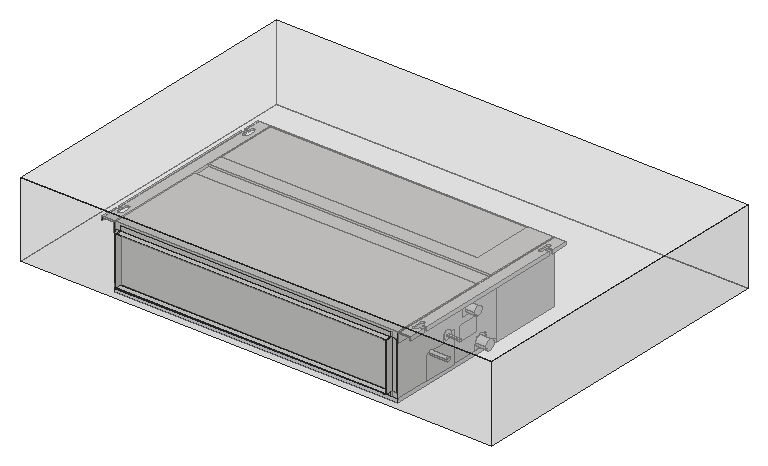
Revit family "outputfile", category 機械設備, Revit 2024
Family settings
  丸型コネクタ寸法 = 半径を使用
  パーツ タイプ = 標準
  OmniClass 番号 = 23.75.10.24.21.27.27
  OmniClass タイトル = Split System Air Conditioning Units
  作業面ベース = いいえ
  常に垂直 = はい
  ロード時にボイドで切り取り = いいえ
  注釈の向きを維持 = いいえ
  共有 = いいえ
  部屋計算ポイント = はい
Parameters (values of type "FXDQ40NDV2S")
  Description = ""
  製造元 = "Daikin"
  書き出し IFC クラス(タイプ) = "IfcUnitaryEquipmentType"
  定義済み IFC タイプ(タイプ) = "AIRCONDITIONINGUNIT"
  Cost = 0
  モデル = "FXDQ40NDV2S"
  Type Comments = ""
  Keynote = ""
  Type Image = (empty or 0)
  Assembly Code = ""
  w_pipe = 33.0 mm
  r_Liquid Pipe Size = Liquid Pipe Size / 2  # 3.2 mm
  r_Gas Pipe Size = Gas Pipe Size / 2  # 6.35 mm
  r_Drain Pipe Size = Drain Pipe Size / 2  # 10.0 mm
  lw_powersupply = 404.0 mm
  lw_ductflange2 = 820.0 mm
  lw_Width = 860.0 mm
  lh_suctionflange [instance] = if(Rear Connection_Return Air, 100.0 mm + [h***], 190.0 mm + [h***])  # 100.0 mm
  lh_SA = 102.5 mm  # constant formula
  ld_suctionflange [instance] = if(Rear Connection_Return Air, 190.0 mm, 100.0 mm)  # 190.0 mm
  ld_powersupply = 60.0 mm
  angle_vertical_RA [instance] = if(Rear Connection_Return Air, 90.00°, 0.00°)  # 90.00°
  angle horizontal_RA [instance] = if(Rear Connection_Return Air, 180.00°, 270.00°)  # 180.00°
  Voltage_comment_50Hz = "220-240"
  Voltage_50Hz = 220 V
  URL = ""
  Supply Air Direction [instance] = yes
  Sound Power Level_H speed (dB) = 56
  Rear Connection_Return Air [instance] = not(Bottom Connection_Return Air)  # yes
  RA_length = 190.0 mm  # constant formula
  Phase_50Hz = 1
  Minimum External Static Pressure = 10.00 Pa
  Minimum Circuit Amps_50Hz = 1.0 A
  Maximum Fuse Amps_50Hz = 16.0 A
  Maximum External Static Pressure = 30.00 Pa
  Material_Casing = DAIKIN_GalvanizedSteel_Casing_indoorunit
  lw_liquidpipe = 46.0 mm  # constant formula
  lw_gaspipe = 57.0 mm  # constant formula
  lw_mountinghole_pitch = 940.0 mm
  lw_mountinghole = 20.0 mm  # constant formula
  lw_drainpipe = 33.0 mm  # constant formula
  lh_powersupply = 10.0 mm
  lh_liquidpipe = 110.0 mm
  lh_gaspipe = 87.0 mm
  lh_mountinghole = Height + [h***]  # 200.0 mm
  lh_drainpipe = 150.0 mm
  lh_antena = 1.0 mm  # constant formula
  ld_liquidpipe = 193.0 mm  # constant formula
  ld_gaspipe = 130.0 mm  # constant formula
  ld_mountinghole_pitch = 0.0 mm  # constant formula
  ld_drainpipe = 280.0 mm
  ld_controlbox = 626.0 mm  # constant formula
  h*** = 0.0 mm  # constant formula
  d_dischargeflange = 21.2 mm  # constant formula
  Width = 900.0 mm
  Version = "ver.1.0"
  Unit Type = "Slim Duct (Standard) Type"
  Unit Mass Weight = 27.00 kg
  Unit Designation [instance] = ""
  Uniclass2015Version = "Products v1.30"
  Uniclass2015Title = "Variable refrigerant flow units"
  Uniclass2015Code = "Pr_70_65_03_94"
  Total Heating Capacity [instance] = 0.000 kW
  Total Cooling Capacity [instance] = 0.000 kW
  Sound Pressure Level_M speed (dBA) = 0
  Sound Pressure Level_L speed (dBA) = 26
  Sound Pressure Level_H speed (dBA) = 30
  Series = "VRV Fan Coil Unit"
  Sensible Cooling Capacity [instance] = 0.000 kW
  SA Duct Size Width = 860.0 mm
  SA Duct Size Height = 153.0 mm
  Refrigerant Type = "R410A"
  RA Duct Size Width = 800.0 mm
  RA Duct Size Height = 180.0 mm
  Power Input (Heating) = 0.147 kW
  Power Input (Cooling) = 0.160 kW
  Option Accessory 3 [instance] = ""
  Option Accessory 2 [instance] = ""
  Option Accessory 1 [instance] = ""
  Nominal Heating Capacity = 5.000 kW
  Nominal Cooling Capacity = 4.500 kW
  Minimum Airflow = 510.00 m³/h
  Median Airflow = 570.00 m³/h
  Maximum Airflow = 630.00 m³/h
  Load Classification = HVAC
  Liquid Pipe Size = 6.4 mm
  Link_Nested Family [instance] = ""
  IfcVersion = "0"
  IfcExportType = "AIRCONDITIONINGUNIT"
  IfcExportAs = "IfcUnitaryEquipmentType"
  Height = 200.0 mm
  Heating Entering Wet Bulb Temperature [instance] = 0.00 °C
  Heating Entering Dry Bulb Temperature [instance] = 0.00 °C
  Heating Ambient Wet Bulb Temperature [instance] = 0.00 °C
  Heating Ambient Dry Bulb Temperature [instance] = 0.00 °C
  Heat Exchanger Type = "Cross Fin Coil"
  Gas Pipe Size = 12.7 mm
  Frequency_50Hz = 50 Hz
  Fan Type = "Sirocco Fan"
  Fan Drive = "Direct Drive"
  FCU Tag No. [instance] = ""
  Drain Pipe Size = 20.0 mm
  Design Supply Airflow [instance] = 0.00 m³/h
  Design Return Airflow [instance] = 0.00 m³/h
  Design External Static Pressure [instance] = 0.00 Pa
  Depth = 620.0 mm
  既定の高さ = 0.0 mm
  Cooling Entering Wet Bulb Temperature [instance] = 0.00 °C
  Cooling Entering Dry Bulb Temperature [instance] = 0.00 °C
  Cooling Ambient Wet Bulb Temperature [instance] = 0.00 °C
  Cooling Ambient Dry Bulb Temperature [instance] = 0.00 °C
  Clearance visibility [instance] = yes
  Clearance Top = 20.0 mm
  Clearance Right = 300.0 mm
  Clearance Rear = 400.0 mm
  Clearance Left = 300.0 mm
  Clearance Front = 0.0 mm
  Clearance Bottom = 20.0 mm
  Bottom Connection_Return Air [instance] = no
Reference planes
  plane 1 "Center (Front/Back)": y = 0
  plane 2: z = 0
  plane 3 "Center (Left/Right)": x = 0
  plane 4 "Back": y = 310
  plane 5 "Front": y = -310
  plane 6 "Left": x = -450
  plane 7 "Right": x = 450
  plane 8 "Top": z = 0
  plane 9 "Bottom": z = -200
  plane 10: x = 330
  plane 11: x = -330
  plane 12: z = -190
  plane 13: z = -6
  plane 14: z = -22
  plane 15: z = -90
  plane 16: z = -113
  plane 17: x = -304
  plane 18: x = 304
  plane 19: x = -470
  plane 20: x = 470
  plane 21: y = 250
  plane 22: y = 250
  plane 23: x = -490
  plane 24: x = 390
  plane 25: x = 496
  plane 26: x = 507
  plane 27: x = 483
  plane 28: z = 0
  plane 29: z = -50
  plane 30 "Clearance Left": x = -750
  plane 31 "Clearance Right": x = 750
  plane 32 "Clearance Rear": y = 710
  plane 33 "Clearance Front": y = -310
  plane 34 "Clearance Top": z = 20
  plane 35 "Clearance Bottom": z = -220
  plane 36: z = -21
  plane 37: z = -170
  plane 38: z = -96.5
  plane 39: x = -40
  plane 40: y = -180
  plane 41: y = -117
  plane 42: y = -30
  plane 43: y = 20
  plane 44: z = -97.5
  plane 45: y = -309
  plane 46: x = -449
  plane 47: z = -100
  plane 48: z = -30
  plane 49: y = 210
  plane 50: z = 301
  plane 51: z = -199
  plane 52: y = 120
  plane 53: z = -101
  plane 54: x = 480
  plane 55: x = 445
  plane 56: x = 455
  plane 57: x = 451
  plane 58: x = 369
  plane 59: x = 449.004
  plane 60: x = -449
  plane 61: x = 404
  plane 62: z = -189
Forms (mm)
  Extrusion 1, solid
    sketch origin (0, 0, 0) x (1, 0, 0) y (0, 0, 1)
      loop
        line (-450, -190) -> (-450, -200) -> (450, -200) -> (450, -190) -> (-450, -190)
    from -84 to 310
  Extrusion 2, solid, material "DAIKIN_GalvanizedSteel_Casing_indoorunit" <- "Material_Casing"
    sketch origin (0, 0, 0) x (1, 0, 0) y (0, 1, 0)
      loop
        line (-450, -309) -> (450, -309) -> (450, 310) -> (-450, 310) -> (-450, -309)
    from -200 to 0
  Extrusion 3, void
    sketch origin (0, 0, 1) x (1, 0, 0) y (0, 1, 0)
      loop
        line (-450, 62.179) -> (-450, 4.179) -> (450, 4.179) -> (450, 62.179) -> (-450, 62.179)
    from -1 to -7
  Extrusion 4, void
    sketch origin (0, 0, 0) x (0, 1, 0) y (0, 0, 1)
      loop
        line (-5, -190) -> (45, -190) -> (45, -170)
        arc (45, -170) -> (20, -145) -> (-5, -170) r 25
        line (-5, -170) -> (-5, -190)
    from 450 to 445
  Revolve 5, solid, material "DAIKIN_GalvanizedSteel_Casing_indoorunit" <- "Material_Casing"
    sketch origin (0, 0, -113) x (0, -1, 0) y (1, 0, 0)
      loop
        line (173.65, 451) -> (180, 451) -> (180, 507) -> (173.65, 507) -> (173.65, 451)
      axis (180, 451) -> (180, 507)
    angle from 0 to 360
  Revolve 6, solid, material "DAIKIN_GalvanizedSteel_Casing_indoorunit" <- "Material_Casing"
    sketch origin (0, 0, -90) x (0, -1, 0) y (1, 0, 0)
      loop
        line (117, 451) -> (117, 496) -> (113.8, 496) -> (113.8, 451) -> (117, 451)
      axis (117, 496) -> (117, 451)
    angle from 0 to 360
  Extrusion 7, solid, material "DAIKIN_GalvanizedSteel_Casing_indoorunit" <- "Material_Casing"
    sketch origin (0, 0, 0) x (0, 1, 0) y (0, 0, 1)
      loop
        circle (-116, -90) r 12.7
    from 450 to 455
  Extrusion 8, solid, material "DAIKIN_GalvanizedSteel_Casing_indoorunit" <- "Material_Casing"
    sketch origin (0, 0, 0) x (0, 1, 0) y (0, 0, 1)
      loop
        circle (20, -170) r 15
    from 480 to 445
  Extrusion 9, solid, material "DAIKIN_GalvanizedSteel_Casing_indoorunit" <- "Material_Casing"
    sketch origin (0, 0, 0) x (0, 1, 0) y (0, 0, 1)
      loop
        line (-52, -30) -> (-52, -70) -> (-11, -70) -> (-11, -30) -> (-52, -30)
    from 450 to 451
  Extrusion 10, solid, material "DAIKIN_GalvanizedSteel_Casing_indoorunit" <- "Material_Casing"
    sketch origin (0, 0, 0) x (0, 1, 0) y (0, 0, 1)
      loop
        circle (-30, -50.064) r 13
    from 450 to 483
  Extrusion 11, solid, material "DAIKIN_GalvanizedSteel_Casing_indoorunit" <- "Material_Casing"
    sketch origin (0, 0, 0) x (0, 1, 0) y (0, 0, 1)
      loop
        line (-63.609, -90) -> (-63.609, -136) -> (0.391, -136) -> (0.391, -90) -> (-63.609, -90)
    from 450 to 451
  Extrusion 12, solid, material "DAIKIN_GalvanizedSteel_Casing_indoorunit" <- "Material_Casing"
    sketch origin (0, 0, 0) x (1, 0, 0) y (0, 0, 1)
      loop
        line (-450, -190) -> (-450, -200) -> (450, -200) -> (450, -190) -> (-450, -190)
    from -84 to 310
  Extrusion 13, solid, material "DAIKIN_GalvanizedSteel_Casing_indoorunit" <- "Material_Casing", visible <- "Bottom Connection_Return Air"
    sketch origin (0, 0, 0) x (1, 0, 0) y (0, 0, 1)
      loop
        line (369, -200) -> (369, -1) -> (-449, -1) -> (-449, -200) -> (369, -200)
    from -310 to -309
  Extrusion 14, void
    sketch origin (0, 0, 0) x (1, 0, 0) y (0, 0, 1)
      loop
        line (369, 0) -> (-449, 0) -> (-449, -1) -> (369, -1) -> (369, 0)
    from -310 to -111
  Extrusion 15, solid, material "DAIKIN_GalvanizedSteel_Casing_indoorunit" <- "Material_Casing", visible <- "Rear Connection_Return Air"
    sketch origin (0, 0, 0) x (1, 0, 0) y (0, 1, 0)
      loop
        line (-449, 310) -> (-449, 111) -> (369, 111) -> (369, 310) -> (-449, 310)
    from -200 to -199
  Extrusion 16, solid, material "DAIKIN_GalvanizedSteel_Casing_indoorunit" <- "Material_Casing"
    sketch origin (0, 0, 0) x (0, 1, 0) y (0, 0, 1)
      loop
        line (-194, -113) -> (-194, -190) -> (-88.3, -190) -> (-88.3, -90) -> (-103.3, -90)
        arc (-103.3, -90) -> (-116, -102.7) -> (-128.7, -90) r 12.7
        line (-128.7, -90) -> (-128.7, -113) -> (-173.65, -113)
        arc (-173.65, -113) -> (-180, -119.35) -> (-186.35, -113) r 6.35
        line (-186.35, -113) -> (-194, -113)
    from 451 to 450
  Extrusion 17, solid, material "DAIKIN_GalvanizedSteel_Casing_indoorunit" <- "Material_Casing"
    sketch origin (0, 0, 0) x (0, 1, 0) y (0, 0, 1)
      loop
        line (84, -199) -> (310, -199) -> (310, -22) -> (91, -22) -> (84, -29) -> (84, -199)
    from 451 to 450
Cuts and joins
  Extrusion 3, Extrusion 4, Extrusion 14 cuts Extrusion 2
  Extrusion 4 cuts Extrusion 1
  Extrusion 14 cuts Extrusion 12
Dimensions and locks
  "lh_powersupply": plane 12 to plane 9 "Bottom"
  locked: plane 8 "Top" to plane 13 at 6
  "Height": plane 8 "Top" to plane 9 "Bottom"
  equal spacing: plane 17, plane 3 "Center (Left/Right)", plane 18, locked at 304 each
  locked: plane 17 to plane 18 at 608
  equal spacing: plane 19, plane 3 "Center (Left/Right)", plane 20
  "lw_mountinghole_pitch": plane 19 to plane 20
  locked: plane 14 to plane 9 "Bottom" at 178
  "lw_mountinghole": plane 23 to plane 19
  "lh_liquidpipe": plane 15 to plane 9 "Bottom"
  "lh_gaspipe": plane 16 to plane 9 "Bottom"
  "lh_mountinghole": plane 28 to plane 9 "Bottom"
  "ld_mountinghole_pitch": plane 22 to plane 21
  equal spacing: plane 6 "Left", plane 3 "Center (Left/Right)", plane 7 "Right"
  "Width": plane 6 "Left" to plane 7 "Right"
  "lh_drainpipe": plane 29 to plane 9 "Bottom"
  "Clearance Right": plane 7 "Right" to plane 31 "Clearance Right"
  "Clearance Left": plane 30 "Clearance Left" to plane 6 "Left"
  "lw_gaspipe": plane 7 "Right" to plane 26
  "lw_liquidpipe": plane 7 "Right" to plane 25
  "lw_drainpipe": plane 7 "Right" to plane 27
  "Clearance Rear": plane 32 "Clearance Rear" to plane 4 "Back"
  "Clearance Front": plane 5 "Front" to plane 33 "Clearance Front"
  "Clearance Top": plane 34 "Clearance Top" to plane 8 "Top"
  "Clearance Bottom": plane 9 "Bottom" to plane 35 "Clearance Bottom"
  "ld_powersupply": plane 4 "Back" to plane 22
  locked: plane 8 "Top" to plane 36 at 21
  locked: plane 8 "Top" to plane 37 at 170
  locked: plane 40 to plane 41 at 63
  locked: plane 38 to plane 9 "Bottom" at 103.5
  locked: plane 36 to plane 44 at 76.5
  "Depth": plane 4 "Back" to plane 5 "Front"
  equal spacing: plane 4 "Back", plane 1 "Center (Front/Back)", plane 5 "Front"
  locked: plane 45 to plane 5 "Front" at 1
  locked: plane 46 to plane 6 "Left" at 1
  Extrusion 13 sketch curve to Extrusion 13 sketch curve = 199.0 mm
  nested 11 to plane 39 = 400.0 mm
  locked: plane 12 to plane 47 at 90
  plane 32 "Clearance Rear" to Extrusion 13 = 401.0 mm
  locked: plane 48 to plane 35 "Clearance Bottom" at 190
  plane 49 to nested 12 = 90.0 mm
  plane 50 to plane 28 = 301.0 mm
  locked: plane 51 to plane 9 "Bottom" at 1
  "ld_suctionflange": plane 4 "Back" to plane 52
  locked: plane 53 to plane 9 "Bottom" at 99
  locked: plane 7 "Right" to plane 54 at 30
  locked: plane 55 to plane 7 "Right" at 5
  locked: plane 7 "Right" to plane 56 at 5
  locked: plane 7 "Right" to plane 57 at 1
  plane 7 "Right" to plane 58 = 81.0 mm
  locked: plane 7 "Right" to plane 59 at 0.996
  locked: plane 60 to plane 6 "Left" at 1
  "lw_powersupply": plane 3 "Center (Left/Right)" to plane 61
  "r_Gas Pipe Size": nested 6 to Revolve 5 sketch curve
  "r_Liquid Pipe Size": nested 5 to Revolve 6 sketch curve
  locked: plane 62 to plane 9 "Bottom" at 11
  aligned and locked: level to plane 2
  aligned and locked: Extrusion 2 to plane 9 "Bottom"
  aligned and locked: plane 8 "Top" to Extrusion 2
  aligned and locked: Revolve 5 sketch curve to Revolve 5 sketch curve
  aligned and locked: plane 15 to Extrusion 7 sketch curve
  aligned and locked: cut or joined group of Extrusion 1, Extrusion 4 to plane 9 "Bottom"
  aligned and locked: plane 27 to Extrusion 10
  aligned and locked: plane 25 to nested 5
  aligned and locked: nested 5 to plane 15
  aligned and locked: nested 1 to plane 22
  aligned and locked: plane 20 to nested 2
  aligned and locked: plane 19 to nested 3
  aligned and locked: plane 22 to nested 4
  aligned and locked: nested 4 to plane 22
  aligned and locked: plane 19 to nested 4
  aligned and locked: nested 7 to plane 29
  aligned and locked: Extrusion 10 to nested 7
  aligned and locked: plane 27 to nested 7
  aligned and locked: nested 10 to plane 12
  aligned and locked: Extrusion 12 to plane 5 "Front"
  aligned and locked: Extrusion 12 to plane 9 "Bottom"
  aligned and locked: nested 6 to plane 16
  aligned and locked: plane 40 to nested 6
  aligned and locked: plane 41 to nested 5
  aligned and locked: plane 42 to nested 7
  aligned and locked: Extrusion 8 sketch curve to plane 43
  aligned and locked: plane 4 "Back" to Extrusion 14
  aligned and locked: Extrusion 15 to nested 12
  aligned and locked: plane 8 "Top" to Extrusion 3
  aligned and locked: Extrusion 13 to cut or joined group of Extrusion 2, Extrusion 3, Extrusion 4, Extrusion 14
  aligned and locked: plane 9 "Bottom" to Extrusion 15  (x2)
  aligned and locked: Extrusion 15 to plane 51
  aligned and locked: plane 4 "Back" to nested 11
  aligned and locked: Extrusion 14 to level
  aligned and locked: plane 32 "Clearance Rear" to nested 13
  aligned and locked: plane 31 "Clearance Right" to nested 13
  aligned and locked: plane 30 "Clearance Left" to nested 13
  aligned and locked: nested 13 to plane 33 "Clearance Front"
  aligned and locked: nested 13 to plane 34 "Clearance Top"
  aligned and locked: nested 13 to plane 35 "Clearance Bottom"
  aligned and locked: plane 7 "Right" to Extrusion 16  (x2)
  aligned and locked: plane 4 "Back" to Extrusion 17
  aligned and locked: Extrusion 17 to plane 51
  aligned and locked: plane 7 "Right" to Extrusion 17  (x2)
  aligned and locked: Extrusion 16 to Revolve 5 sketch curve
  aligned and locked: Extrusion 3 to plane 13
  aligned and locked: plane 52 to nested 14
  aligned and locked: nested 12 to Extrusion 14
  aligned and locked: Extrusion 11 to plane 7 "Right"
  aligned and locked: Extrusion 7 to plane 7 "Right"
  aligned and locked: plane 7 "Right" to cut or joined group of Extrusion 2, Extrusion 3, Extrusion 4, Extrusion 14  (x2)
  aligned and locked: cut or joined group of Extrusion 2, Extrusion 3, Extrusion 4, Extrusion 14 to plane 55
  aligned and locked: Extrusion 8 to plane 55
  aligned and locked: plane 54 to Extrusion 8
  aligned and locked: plane 56 to Extrusion 7
  aligned and locked: plane 57 to Extrusion 17
  aligned and locked: Extrusion 16 to plane 57
  aligned and locked: Extrusion 11 to plane 57
  aligned and locked: plane 26 to nested 6
  aligned and locked: Extrusion 9 to plane 57
  aligned and locked: Extrusion 9 to plane 7 "Right"
  aligned and locked: Extrusion 10 to plane 7 "Right"
  aligned and locked: plane 58 to Extrusion 14 sketch curve
  aligned and locked: Extrusion 13 sketch curve to plane 58
  aligned and locked: plane 3 "Center (Left/Right)" to nested 15
  aligned and locked: Extrusion 15 to plane 58
  aligned and locked: plane 6 "Left" to nested 11
  aligned and locked: plane 8 "Top" to nested 15
  aligned and locked: plane 4 "Back" to nested 15
  aligned and locked: cut or joined group of Extrusion 2, Extrusion 3, Extrusion 4, Extrusion 14 to plane 45
  aligned and locked: nested 10 to plane 61
  aligned and locked: plane 20 to nested 1
  aligned and locked: nested 12 to plane 58
  aligned and locked: nested 9 to plane 1 "Center (Front/Back)"
  aligned and locked: plane 3 "Center (Left/Right)" to nested 9
  aligned and locked: plane 51 to nested 12
  aligned and locked: nested 11 to plane 51
  aligned and locked: nested 16 to plane 62
  aligned and locked: plane 13 to nested 16
  aligned and locked: plane 45 to nested 16
  aligned and locked: level to plane 8 "Top"
Automatic sketch dimensions
  Extrusion 1 sketch curve to plane 6 "Left" = 0.0 mm
  Extrusion 1 sketch curve to plane 7 "Right" = 0.0 mm
  Extrusion 1 sketch curve to plane 9 "Bottom" = 0.0 mm
  Extrusion 1 sketch curve to plane 12 = 0.0 mm
  Extrusion 2 sketch curve to plane 4 "Back" = 0.0 mm
  Extrusion 2 sketch curve to plane 6 "Left" = 0.0 mm
  Extrusion 2 sketch curve to plane 7 "Right" = 0.0 mm
  Extrusion 2 sketch curve to plane 45 = 0.0 mm
  Extrusion 3 sketch curve to plane 6 "Left" = 0.0 mm
  Extrusion 3 sketch curve to plane 7 "Right" = 0.0 mm
  Extrusion 3 sketch curve to plane 1 "Center (Front/Back)" = 4.179 mm
  plane 43 to Extrusion 3 sketch curve = 42.179 mm
  Extrusion 4 sketch curve to plane 37 = 0.0 mm
  Extrusion 4 sketch curve to plane 12 = 0.0 mm
  Extrusion 4 sketch curve to plane 43 = 0.0 mm
  plane 1 "Center (Front/Back)" to Extrusion 4 sketch curve = 5.0 mm
  plane 41 to Extrusion 7 sketch curve = 1.0 mm
  Extrusion 8 sketch curve to plane 37 = 0.0 mm
  Extrusion 9 sketch curve to plane 42 = 22.0 mm
  plane 1 "Center (Front/Back)" to Extrusion 9 sketch curve = 11.0 mm
  plane 15 to Extrusion 9 sketch curve = 20.0 mm
  Extrusion 9 sketch curve to plane 14 = 8.0 mm
  Extrusion 10 sketch curve to plane 42 = 0.0 mm
  Extrusion 10 sketch curve to plane 29 = 0.064 mm
  plane 15 to Extrusion 11 sketch curve = 0.0 mm
  Extrusion 11 sketch curve to plane 42 = 33.609 mm
  Extrusion 11 sketch curve to plane 1 "Center (Front/Back)" = 0.391 mm
  Extrusion 11 sketch curve to plane 16 = 23.0 mm
  Extrusion 12 sketch curve to plane 6 "Left" = 0.0 mm
  Extrusion 12 sketch curve to plane 7 "Right" = 0.0 mm
  Extrusion 12 sketch curve to plane 9 "Bottom" = 0.0 mm
  Extrusion 12 sketch curve to plane 12 = 0.0 mm
  plane 46 to Extrusion 13 sketch curve = 0.0 mm
  plane 46 to Extrusion 14 sketch curve = 0.0 mm
  Extrusion 14 sketch curve to plane 8 "Top" = 1.0 mm
  Extrusion 15 sketch curve to plane 46 = 0.0 mm
  Extrusion 15 sketch curve to plane 4 "Back" = 0.0 mm
  plane 18 to Extrusion 15 sketch curve = 65.0 mm
  plane 43 to Extrusion 15 sketch curve = 91.0 mm
  plane 35 "Clearance Bottom" to Extrusion 14 sketch curve = 220.0 mm
  Extrusion 13 sketch curve to plane 51 = 1.0 mm
  Extrusion 16 sketch curve to plane 12 = 0.0 mm
  Extrusion 16 sketch curve to plane 16 = 0.0 mm
  Extrusion 16 sketch curve to plane 40 = 0.0 mm
  Extrusion 16 sketch curve to plane 15 = 0.0 mm
  Extrusion 16 sketch curve to Extrusion 16 sketch curve = 6.35 mm
  Extrusion 16 sketch curve to Extrusion 16 sketch curve = 7.65 mm
  Extrusion 16 sketch curve to plane 41 = 11.7 mm
  plane 41 to Extrusion 16 sketch curve = 1.0 mm
  Extrusion 16 sketch curve to Extrusion 16 sketch curve = 27.7 mm
  Extrusion 17 sketch curve to plane 51 = 0.0 mm
  Extrusion 17 sketch curve to plane 14 = 0.0 mm
  plane 48 to Extrusion 17 sketch curve = 1.0 mm
  plane 43 to Extrusion 17 sketch curve = 64.0 mm
  Extrusion 17 sketch curve to Extrusion 17 sketch curve = 7.0 mm
  Extrusion 17 sketch curve to plane 4 "Back" = 0.0 mm
  Revolve 5 sketch curve to plane 26 = 0.0 mm
  Revolve 5 sketch curve to plane 40 = 0.0 mm
  Revolve 5 sketch curve to Revolve 5 sketch curve = 1.003 mm
  plane 26 to Revolve 5 sketch curve = 1.003 mm
  Revolve 6 sketch curve to plane 41 = 0.0 mm  (x2)
  Revolve 6 sketch curve to plane 25 = 0.0 mm  (x2)
  Revolve 6 sketch curve to plane 57 = 0.0 mm  (x2)
  radius of Extrusion 7 sketch curve = 12.7 mm
  radius of Extrusion 8 sketch curve = 15.0 mm
  radius of Extrusion 10 sketch curve = 13.0 mm
Nested families
  nested 1: "daikin_mountinghole" at (470, 250, -200), l_antenna <- "lh_antena", Link_Nested Family <- "Link_Nested Family", h_mountinghole <- "lh_mountinghole", type "daikin_mountinghole"
    with show yes, l_antenna 1.0 mm, h_mountinghole 200.0 mm, Link_Nested Family ""
  nested 2: "daikin_mountinghole" at (470, -250, -200), Link_Nested Family <- "Link_Nested Family", l_antenna <- "lh_antena", h_mountinghole <- "lh_mountinghole", type "daikin_mountinghole"
    with show yes, l_antenna 1.0 mm, h_mountinghole 200.0 mm, Link_Nested Family ""
  nested 3: "daikin_mountinghole" at (-470, -250, -200), l_antenna <- "lh_antena", Link_Nested Family <- "Link_Nested Family", h_mountinghole <- "lh_mountinghole", type "daikin_mountinghole"
    with show yes, l_antenna 1.0 mm, h_mountinghole 200.0 mm, Link_Nested Family ""
  nested 4: "daikin_mountinghole" at (-470, 250, -200), l_antenna <- "lh_antena", Link_Nested Family <- "Link_Nested Family", h_mountinghole <- "lh_mountinghole", type "daikin_mountinghole"
    with show yes, l_antenna 1.0 mm, h_mountinghole 200.0 mm, Link_Nested Family ""
  nested 5: "daikin_connector_rotate2" at (450, -117, -90) x (0, 1, 0) z (0, 0, 1), length <- "lw_liquidpipe", built-in parameter 1001364 <- "lh_liquidpipe", radius <- "r_Liquid Pipe Size", type "daikin_connector_rotate2"
    with radius 3.2 mm, length 46.0 mm, angle_vertical 90.00°
  nested 6: "daikin_connector_rotate2" at (450, -180, -113) x (0, 1, 0) z (0, 0, 1), length <- "lw_gaspipe", built-in parameter 1001364 <- "lh_gaspipe", radius <- "r_Gas Pipe Size", type "daikin_connector_rotate2"
    with radius 6.35 mm, length 57.0 mm, angle_vertical 90.00°
  nested 7: "daikin_connector_rotate2" at (450, -30, -50) x (0, 1, 0) z (0, 0, 1), built-in parameter 1001364 <- "lh_drainpipe", length <- "lw_drainpipe", radius <- "r_Drain Pipe Size", type "daikin_connector_rotate2"
    with radius 10.0 mm, length 33.0 mm, angle_vertical 90.00°
  nested 8: "daikin_connector_rotate2" at (0, -309, -97.5), length <- "d_dischargeflange", built-in parameter 1001364 <- "lh_SA", type "daikin_connector_rotate2"
    with radius 10.0 mm, length 21.2 mm, angle_vertical 90.00°
  nested 9: "daikin_△_symbolicline" at (-75, -129.904, 200) x (-0.5, 0.866, 0) z (0, 0, 1), built-in parameter 1001364 <- "Height", visible <- "Supply Air Direction", type "daikin_△_symbolicline"
    with length 300.0 mm
  nested 10: "daikin_connector_rotate2" at (404, 250, -190) x (-1, 0, 0) z (0, 0, 1), built-in parameter 1001364 <- "lw_powersupply", length <- "ld_powersupply", type "daikin_connector_rotate2"
    with radius 10.0 mm, length 60.0 mm, angle_vertical 90.00°
  nested 11: "daikin_ductflange_FXDQ-NDV2S2" at (-40, 310, -100), visible <- "Rear Connection_Return Air", material <- "Material_Casing", width <- "lw_ductflange2", type "daikin_ductflange_FXDQ-NDV2S2"
    with width 820.0 mm, material DAIKIN_GalvanizedSteel_Casing_indoorunit, height 180.0 mm, depth 21.2 mm
  nested 12: "daikin_ductflange_FXDQ-NDV2S2" at (-40, 210, -200) x (1, 0, 0) z (0, 1, 0), visible <- "Bottom Connection_Return Air", material <- "Material_Casing", width <- "lw_ductflange2", type "daikin_ductflange_FXDQ-NDV2S2"
    with width 820.0 mm, material DAIKIN_GalvanizedSteel_Casing_indoorunit, height 180.0 mm, depth 21.2 mm
  nested 13: "daikin_clearancespace" at (0, 200, -99.881), visible <- "Clearance visibility", show <- "Clearance visibility", Link_Nested Family <- "Link_Nested Family", type "daikin_clearancespace"
    with width 1500.0 mm, show yes, height 240.0 mm, depth 1020.0 mm, Link_Nested Family ""
  nested 14: "daikin_connector_rotate3" at (-40, 120, -100), built-in parameter 1001364 <- "lh_suctionflange", angle_vertical <- "angle_vertical_RA", angle_horizontal <- "angle horizontal_RA", length <- "RA_length", type "daikin_connector_rotate3"
    with show no, radius 10.0 mm, length 190.0 mm, angle_vertical 90.00°, angle_horizontal 180.00°
  nested 15: "daikin_hangerfixture_FXDQ-NDV2S" at (0, 0.5, 0), type "daikin_hangerfixture_FXDQ-NDV2S"
  nested 16: "daikin_ductflange_FXDQ-NDV2S" at (0, 4.5, -364.201), material <- "Material_Casing", width <- "lw_Width", type "daikin_ductflange_FXDQ-NDV2S"
    with width 860.0 mm, material DAIKIN_GalvanizedSteel_Casing_indoorunit, height 155.0 mm, depth 21.2 mm
Connectors
  piping at (507, -180, -113), diameter 12.7, driven by "r_Gas Pipe Size"
    settings: on nested 6, index 1, connector inside diameter 609.6 mm, connector length 0.0 mm, flow factor 0, pipe flow 0.00 m³/h, pressure drop 0.0 Pa, fitting loss kfactor 0, connector angle 0.00°, fixture units 0, engagement length 0.0 mm, angle of deflection 0.00°, flow configuration 1, flow direction 2, fitting loss method 0, system type 29, joint type 0, gender type 0, connector reference index -1, connector utility 0, adjustable connector no, is connector primary yes, connector description "Refrigerant Gas Piping"
  piping at (496, -117, -90), diameter 6.4, driven by "r_Liquid Pipe Size"
    settings: on nested 5, index 2, connector inside diameter 609.6 mm, connector length 0.0 mm, flow factor 0, pipe flow 0.00 m³/h, pressure drop 0.0 Pa, fitting loss kfactor 0, connector angle 0.00°, fixture units 0, engagement length 0.0 mm, angle of deflection 0.00°, flow configuration 1, flow direction 1, fitting loss method 0, system type 29, joint type 0, gender type 0, connector reference index -1, connector utility 0, adjustable connector no, is connector primary no, connector description "Refrigerant Liquid Piping"
  piping at (483, -30, -50), diameter 20, driven by "r_Drain Pipe Size"
    settings: on nested 7, index 3, connector inside diameter 609.6 mm, connector length 0.0 mm, flow factor 0, pipe flow 0.00 m³/h, pressure drop 0.0 Pa, fitting loss kfactor 0, connector angle 0.00°, fixture units 0, engagement length 0.0 mm, angle of deflection 0.00°, flow configuration 1, flow direction 2, fitting loss method 4, system type 16, joint type 0, gender type 0, connector reference index -1, connector utility 0, adjustable connector no, is connector primary no, connector description "Condensate Drain Piping"
  hvac at (0, -330.2, -97.5), driven by "SA Duct Size Height", driven by "SA Duct Size Width"
    settings: on nested 8, index 7, duct flow 0.00 m³/h, flow factor 0, pres drop 0.00 Pa, loss coef 0, conn angle 0.00°, conn width 860.0 mm, conn height 153.0 mm, conn diameter 609.6 mm, duct sys type 1, conn prof type 1, flow config 0, flow direction 2, loss method 4, conn ref index -1, conn util no, is conn primary yes, conn desc "SA Duct"
  electrical at (404, 310, -190), driven by "Load Classification"
    settings: on nested 10, index 9, voltage 0 V, apparent load 0 VA, apparent load phase1 0 VA, apparent load phase2 0 VA, apparent load phase3 0 VA, power factor 1, load classification "HVAC", number of poles 1, system type 30, power factor state 1, is connector primary yes, connector utility no, sub classification motor no, connector description "Power Supply"
  hvac at (-40, 310, -100), driven by "RA Duct Size Height", driven by "RA Duct Size Width"
    settings: on nested 14, index 10, duct flow 0.00 m³/h, flow factor 0, pres drop 0.00 Pa, loss coef 0, conn angle 0.00°, conn width 800.0 mm, conn height 180.0 mm, conn diameter 609.6 mm, duct sys type 2, conn prof type 1, flow config 0, flow direction 1, loss method 4, conn ref index -1, conn util no, is conn primary no, conn desc "RA Duct"
Definition of nested family "daikin_ductflange_FXDQ-NDV2S2"
  Parameters (values of type "daikin_ductflange_FXDQ-PDVE2")
    width [instance] = 620.0 mm
    material [instance] = none
    height [instance] = 180.0 mm
    depth [instance] = 21.2 mm
    Default Elevation = 0.0 mm
  Reference planes
    plane 1 "Center (Front/Back)": y = 0
    plane 2: z = 0
    plane 3 "Center (Left/Right)": x = 0
    plane 4: y = -313.5
    plane 5: y = -334.7
    plane 6: x = -310
    plane 7: x = 310
    plane 8: z = 90
    plane 9: z = -90
    plane 10: z = 100
    plane 11: z = -100
    plane 12: x = -309
    plane 13: x = 309
  Forms (mm)
    Extrusion 1, solid, material <- "material"
      sketch origin (0, 0, 0) x (1, 0, 0) y (0, 0, 1)
        loop
          line (-300, 90) -> (-300, -90) -> (300, -90) -> (300, 90) -> (-300, 90)
        loop
          line (-309, -99) -> (309, -99) -> (309, 99) -> (-309, 99) -> (-309, -99)
      from 0 to 1
  Dimensions and locks
    plane 4 to plane 1 "Center (Front/Back)" = 313.5 mm
    "depth": plane 5 to plane 4
    equal spacing: plane 7, plane 3 "Center (Left/Right)", plane 6, locked at 310 each
    "width": plane 7 to plane 6
    equal spacing: plane 8, level, plane 9, locked at 90 each
    "height": plane 8 to plane 9
    equal spacing: plane 10, level, plane 11, locked at 100 each
    locked: plane 10 to plane 11 at 200
    plane 12 to plane 6 = 1.0 mm
    locked: plane 7 to plane 13 at 1
    locked: Extrusion 1 sketch curve to Extrusion 1 sketch curve at 9  (x4)
    locked: plane 10 to Extrusion 1 sketch curve at 1
    locked: Extrusion 1 sketch curve to plane 11 at 1
    aligned and locked: level to plane 2
  Automatic sketch dimensions
    plane 6 to Extrusion 1 sketch curve = 1.0 mm
    Extrusion 1 sketch curve to plane 7 = 1.0 mm
Definition of nested family "daikin_clearancespace"
  Parameters (values of type "daikin_clearancespace")
    width [instance] = 1823.963 mm
    show [instance] = yes
    material = none
    height [instance] = 1359.762 mm
    depth [instance] = 880.0 mm
    Default Elevation = 0.0 mm
    Link_Nested Family [instance] = ""
  Reference planes
    plane 1 "Center (Front/Back)": y = 0
    plane 2 "Center (Elevation)": z = -0.119
    plane 3 "Center (Left/Right)": x = 0
    plane 4: y = 440
    plane 5: y = -440
    plane 6 "Right": x = 911.982
    plane 7 "Left": x = -911.982
    plane 8 "Top": z = 679.762
    plane 9 "Bottom": z = -680
  Forms (mm)
    Extrusion 1, solid, material <- "material", visible <- "show"
      sketch origin (0, 0, 0) x (1, 0, 0) y (0, 1, 0)
        loop
          line (-911.982, 440) -> (-911.982, -440) -> (911.982, -440) -> (911.982, 440) -> (-911.982, 440)
      from -680 to 679.762
  Lines and regions (mm)
    symbolic lines, visible <- "show"
      curve 1: line (911.982, 440, 0) -> (-911.982, 440, 0)
      curve 2: line (-911.982, 440, 0) -> (-911.982, -440, 0)
      curve 3: line (-911.982, -440, 0) -> (911.982, -440, 0)
      curve 4: line (911.982, -440, 0) -> (911.982, 440, 0)
      curve 5: line (911.982, 0, 679.762) -> (-911.982, 0, 679.762)
      curve 6: line (911.982, 0, -680) -> (911.982, 0, 679.762)
      curve 7: line (-911.982, 0, -680) -> (911.982, 0, -680)
      curve 8: line (-911.982, 0, 679.762) -> (-911.982, 0, -680)
      curve 9: line (0, 440, 679.762) -> (0, -440, 679.762)
      curve 10: line (0, -440, 679.762) -> (0, -440, -680)
      curve 11: line (0, 440, -680) -> (0, 440, 679.762)
      curve 12: line (0, -440, -680) -> (0, 440, -680)
  Dimensions and locks
    "width": plane 7 "Left" to plane 6 "Right"
    "depth": plane 4 to plane 5
    "height": plane 8 "Top" to plane 9 "Bottom"
    equal spacing: plane 7 "Left", plane 3 "Center (Left/Right)", plane 6 "Right"
    equal spacing: plane 4, plane 1 "Center (Front/Back)", plane 5
    equal spacing: plane 8 "Top", plane 2 "Center (Elevation)", plane 9 "Bottom"
    aligned and locked: level to plane 2 "Center (Elevation)"
    aligned and locked: Extrusion 1 sketch curve to plane 4
    aligned and locked: plane 7 "Left" to Extrusion 1 sketch curve
    aligned and locked: Extrusion 1 sketch curve to plane 5
    aligned and locked: Extrusion 1 sketch curve to plane 6 "Right"
    aligned and locked: plane 8 "Top" to Extrusion 1
    aligned and locked: curve 1 to Extrusion 1
    aligned and locked: curve 2 to Extrusion 1
    aligned and locked: curve 3 to Extrusion 1
    aligned and locked: curve 4 to Extrusion 1
    aligned and locked: curve 5 to Extrusion 1
    aligned and locked: curve 6 to Extrusion 1
    aligned and locked: curve 7 to Extrusion 1
    aligned and locked: curve 8 to Extrusion 1
    aligned and locked: curve 9 to Extrusion 1
    aligned and locked: curve 10 to Extrusion 1
    aligned and locked: curve 11 to Extrusion 1
    aligned and locked: curve 12 to Extrusion 1
    aligned and locked: Extrusion 1 to plane 9 "Bottom"
Definition of nested family "daikin_hangerfixture_FXDQ-NDV2S"
  Parameters (values of type "daikin_hangerfixture_FXDQ-PDVE")
    width = 900.0 mm
    material = none
    height = 30.0 mm
    depth = 619.0 mm
    Default Elevation = 0.0 mm
  Reference planes
    plane 1 "Center (Front/Back)": y = 0
    plane 2: z = 0
    plane 3 "Center (Left/Right)": x = 0
    plane 4: x = 450
    plane 5: y = 309.5
    plane 6: y = -309.5
    plane 7: x = -450
    plane 8: z = -30
  Forms (mm)
    Extrusion 1, solid, material <- "material"
      sketch origin (0, 0, 0) x (1, 0, 0) y (0, 0, 1)
        loop
          line (450, 0) -> (450, -30) -> (452.3, -30) -> (452.3, -2.3) -> (487.7, -2.3) -> (487.7, -10) -> (490, -10) -> (490, 0) -> (450, 0)
      from -309.5 to 309.5
    Extrusion 2, void
      sketch origin (0, 0, 0) x (0, 1, 0) y (0, 0, 1)
        loop
          line (309.5, -30) -> (309.5, -17.979) -> (87.935, -17.979) -> (75.914, -30) -> (309.5, -30)
      from 0 to 550
    Extrusion 3, void
      sketch origin (0, 0, 0) x (1, 0, 0) y (0, 1, 0)
        loop
          line (490, -244) -> (477, -244) -> (477, -237.5)
          arc (477, -237.5) -> (470, -230.5) -> (463, -237.5) r 7
          line (463, -237.5) -> (463, -263.5)
          arc (463, -263.5) -> (470, -270.5) -> (477, -263.5) r 7
          line (477, -263.5) -> (477, -257) -> (490, -257) -> (490, -244)
        loop
          line (490, 243) -> (490, 256) -> (477, 256) -> (477, 262.5)
          arc (477, 262.5) -> (470, 269.5) -> (463, 262.5) r 7
          line (463, 262.5) -> (463, 236.5)
          arc (463, 236.5) -> (470, 229.5) -> (477, 236.5) r 7
          line (477, 236.5) -> (477, 243) -> (490, 243)
      from -254.96 to 618
    Extrusion 4, solid, material <- "material"
      sketch origin (0, 0, 0) x (-1, 0, 0) y (0, 0, -1)
        loop
          line (450, 0) -> (490, 0) -> (490, 10) -> (487.7, 10) -> (487.7, 2.3) -> (452.3, 2.3) -> (452.3, 30) -> (450, 30) -> (450, 0)
      from -309.5 to 309.5
    Extrusion 5, void
      sketch origin (0, 0, 0) x (-1, 0, 0) y (0, -1, 0)
        loop
          line (490, 244) -> (490, 257) -> (477, 257) -> (477, 263.5)
          arc (477, 263.5) -> (470, 270.5) -> (463, 263.5) r 7
          line (463, 263.5) -> (463, 237.5)
          arc (463, 237.5) -> (470, 230.5) -> (477, 237.5) r 7
          line (477, 237.5) -> (477, 244) -> (490, 244)
        loop
          line (490, -243) -> (477, -243) -> (477, -236.5)
          arc (477, -236.5) -> (470, -229.5) -> (463, -236.5) r 7
          line (463, -236.5) -> (463, -262.5)
          arc (463, -262.5) -> (470, -269.5) -> (477, -262.5) r 7
          line (477, -262.5) -> (477, -256) -> (490, -256) -> (490, -243)
      from -254.96 to 618
  Cuts and joins
    Extrusion 2, Extrusion 3, Extrusion 5 cuts Extrusion 1
    Extrusion 5 cuts Extrusion 4
  Dimensions and locks
    equal spacing: plane 5, plane 1 "Center (Front/Back)", plane 6
    "depth": plane 5 to plane 6
    plane 6 to plane 1 "Center (Front/Back)" to plane 5 = 309.5 mm, 309.5 mm
    equal spacing: plane 4, plane 3 "Center (Left/Right)", plane 7
    "width": plane 4 to plane 7
    "height": level to plane 8
    locked: plane 4 to Extrusion 2 at 100
    aligned and locked: level to plane 2
    aligned and locked: plane 5 to Extrusion 1
    aligned and locked: Extrusion 1 to plane 6
    aligned and locked: Extrusion 1 to plane 4
    aligned and locked: plane 5 to cut or joined group of Extrusion 1, Extrusion 2, Extrusion 3, Extrusion 5
    aligned and locked: cut or joined group of Extrusion 1, Extrusion 2, Extrusion 3, Extrusion 5 to plane 6
    aligned and locked: level to cut or joined group of Extrusion 1, Extrusion 2, Extrusion 3, Extrusion 5
    aligned and locked: cut or joined group of Extrusion 1, Extrusion 2, Extrusion 3, Extrusion 5 to plane 8
    aligned and locked: plane 5 to cut or joined group of Extrusion 4, Extrusion 5
    aligned and locked: cut or joined group of Extrusion 4, Extrusion 5 to plane 6
  Automatic sketch dimensions
    Extrusion 1 sketch curve to plane 4 = 0.0 mm
    Extrusion 1 sketch curve to plane 8 = 0.0 mm
    Extrusion 1 sketch curve to level = 0.0 mm
    plane 4 to Extrusion 1 sketch curve = 2.3 mm
    Extrusion 1 sketch curve to level = 2.3 mm
    Extrusion 1 sketch curve to Extrusion 1 sketch curve = 35.4 mm
    Extrusion 1 sketch curve to Extrusion 1 sketch curve = 2.3 mm
    Extrusion 1 sketch curve to Extrusion 1 sketch curve = 7.7 mm
    Extrusion 2 sketch curve to plane 8 = 0.0 mm
    Extrusion 2 sketch curve to plane 5 = 0.0 mm
    plane 8 to Extrusion 2 sketch curve = 12.021 mm
    Extrusion 2 sketch curve to plane 1 "Center (Front/Back)" = 87.935 mm
    Extrusion 2 sketch curve to Extrusion 2 sketch curve = 12.021 mm
    plane 4 to Extrusion 3 sketch curve = 13.0 mm  (x2)
    Extrusion 3 sketch curve to Extrusion 3 sketch curve = 7.0 mm  (x4)
    Extrusion 3 sketch curve to Extrusion 3 sketch curve = 13.0 mm  (x4)
    plane 6 to Extrusion 3 sketch curve = 46.0 mm
    Extrusion 3 sketch curve to Extrusion 3 sketch curve = 6.5 mm  (x4)
    Extrusion 3 sketch curve to plane 5 = 73.0 mm
    Extrusion 4 sketch curve to plane 7 = 0.0 mm
    Extrusion 4 sketch curve to plane 8 = 0.0 mm
    Extrusion 4 sketch curve to level = 0.0 mm
    Extrusion 4 sketch curve to plane 7 = 2.3 mm
    Extrusion 4 sketch curve to level = 2.3 mm
    Extrusion 4 sketch curve to Extrusion 4 sketch curve = 35.4 mm
    Extrusion 4 sketch curve to Extrusion 4 sketch curve = 2.3 mm
    Extrusion 4 sketch curve to Extrusion 4 sketch curve = 7.7 mm
    Extrusion 5 sketch curve to plane 7 = 13.0 mm  (x2)
    Extrusion 5 sketch curve to Extrusion 5 sketch curve = 7.0 mm  (x4)
    Extrusion 5 sketch curve to Extrusion 5 sketch curve = 13.0 mm  (x4)
    Extrusion 5 sketch curve to plane 5 = 47.0 mm
    Extrusion 5 sketch curve to Extrusion 5 sketch curve = 6.5 mm  (x4)
    plane 6 to Extrusion 5 sketch curve = 72.0 mm
Definition of nested family "daikin_ductflange_FXDQ-NDV2S"
  Parameters (values of type "daikin_ductflange_FXDQ-NDVE")
    width [instance] = 860.0 mm
    material [instance] = none
    height [instance] = 155.0 mm
    depth [instance] = 21.2 mm
    Default Elevation = 0.0 mm
  Reference planes
    plane 1 "Center (Front/Back)": y = 0
    plane 2: z = 189.201
    plane 3 "Center (Left/Right)": x = 0
    plane 4: y = -313.5
    plane 5: x = -430
    plane 6: x = 430
    plane 7: y = -334.7
    plane 8: z = 344.201
    plane 9: z = 266.701
    plane 10: z = 343.201
    plane 11: z = 190.201
  Forms (mm)
    Extrusion 1, solid, material <- "material"
      sketch origin (0, 0, 189.201) x (1, 0, 0) y (0, 1, 0)
        loop
          line (-430, -334.7) -> (-430, -313.5) -> (-448, -313.5) -> (-448, -314.5) -> (-431, -314.5) -> (-431, -334.7) -> (-430, -334.7)
        loop
          line (430, -334.7) -> (431, -334.7) -> (431, -314.5) -> (448, -314.5) -> (448, -313.5) -> (430, -313.5) -> (430, -334.7)
      from 1 to 154
    Extrusion 2, solid, material <- "material"
      sketch origin (0, 0, 0) x (0, 1, 0) y (0, 0, 1)
        loop
          line (-313.5, 343.201) -> (-313.5, 358.201) -> (-314.5, 358.201) -> (-314.5, 344.201) -> (-334.7, 344.201) -> (-334.7, 343.201) -> (-313.5, 343.201)
        loop
          line (-313.5, 190.201) -> (-334.7, 190.201) -> (-334.7, 189.201) -> (-314.5, 189.201) -> (-314.5, 175.201) -> (-313.5, 175.201) -> (-313.5, 190.201)
      from -430 to 430
  Dimensions and locks
    plane 4 to plane 1 "Center (Front/Back)" = 313.5 mm
    "depth": plane 7 to plane 4
    equal spacing: plane 8, plane 9, level
    "height": plane 8 to level
    equal spacing: plane 6, plane 3 "Center (Left/Right)", plane 5
    "width": plane 6 to plane 5
    plane 5 to plane 6 = 860.0 mm
    locked: plane 8 to plane 10 at 1
    locked: plane 11 to level at 1
    locked: Extrusion 1 to Extrusion 2 sketch curve at 1
    locked: Extrusion 2 sketch curve to Extrusion 1 at 1
    locked: Extrusion 1 sketch curve to Extrusion 1 sketch curve at 1
    locked: Extrusion 1 sketch curve to plane 5 at 18
    locked: Extrusion 1 to plane 5 at 18
    locked: plane 6 to Extrusion 1 at 18
    locked: plane 5 to Extrusion 1 at 18
    locked: Extrusion 1 to plane 6 at 18
    aligned and locked: level to plane 2
    aligned and locked: Extrusion 2 to plane 5
    aligned and locked: Extrusion 2 to plane 11
    aligned and locked: Extrusion 2 to plane 10
    aligned and locked: plane 6 to Extrusion 2
    aligned and locked: plane 5 to Extrusion 2  (x2)
    aligned and locked: plane 5 to Extrusion 1  (x2)
    aligned and locked: Extrusion 1 to plane 6
    aligned and locked: plane 6 to Extrusion 1
    aligned and locked: Extrusion 1 to plane 10
  Automatic sketch dimensions
    Extrusion 1 sketch curve to plane 4 = 0.0 mm  (x2)
    Extrusion 1 sketch curve to plane 7 = 0.0 mm  (x2)
    plane 5 to Extrusion 1 sketch curve = 0.0 mm
    Extrusion 1 sketch curve to plane 5 = 1.0 mm
    plane 6 to Extrusion 1 sketch curve = 1.0 mm
    Extrusion 2 sketch curve to plane 7 = 0.0 mm  (x2)
    Extrusion 2 sketch curve to plane 4 = 0.0 mm  (x2)
    Extrusion 2 sketch curve to plane 11 = 0.0 mm
    Extrusion 2 sketch curve to plane 10 = 0.0 mm
    Extrusion 2 sketch curve to plane 4 = 1.0 mm  (x2)
    Extrusion 2 sketch curve to level = 14.0 mm
    plane 8 to Extrusion 2 sketch curve = 14.0 mm
    Extrusion 1 sketch curve to Extrusion 1 sketch curve = 17.0 mm
    Extrusion 1 sketch curve to plane 4 = 1.0 mm
    Extrusion 1 sketch curve to plane 6 = 0.0 mm
Definition of nested family "daikin_mountinghole"
  Parameters (values of type "daikin_mountinghole")
    Default Elevation = 1219.2 mm
    Type Comments = "mountinghole"
    show [instance] = yes
    material = none
    l_centerline = 100.0 mm
    l_antenna [instance] = 100.0 mm
    h_mountinghole [instance] = 0.0 mm
    d_circle = 30.0 mm
    Link_Nested Family [instance] = ""
  Reference planes
    plane 1 "Center (Front/Back)": y = 0
    plane 2: z = 0
    plane 3 "Center (Left/Right)": x = 0
    plane 4: y = 50
    plane 5: x = -50
    plane 6: x = 50
    plane 7: y = -50
    plane 8 "h_mountinghole": z = 0
    plane 9: z = 100
  Lines and regions (mm)
    model lines, detail levels fine
      curve 1: circle (0, 0, 0) r 15 normal (0, 0, 1)
      curve 2: line (-50, 0, 0) -> (50, 0, 0)
      curve 3: line (0, 50, 0) -> (0, -50, 0)
    symbolic lines, detail levels fine
      curve 4: circle (0, 0, 0) r 15 normal (0, 0, 1)
      curve 5: line (-50, 0, 0) -> (50, 0, 0)
      curve 6: line (0, 50, 0) -> (0, -50, 0)
    model lines
      curve 7: line (0, 0, 100) -> (0, 0, 0)
  Dimensions and locks
    equal spacing: plane 4, plane 1 "Center (Front/Back)", plane 7
    "l_centerline": plane 4 to plane 7
    equal spacing: plane 5, plane 3 "Center (Left/Right)", plane 6
    "l_centerline": plane 5 to plane 6
    "l_antenna": plane 9 to plane 8 "h_mountinghole"
    "h_mountinghole": plane 8 "h_mountinghole" to plane 2
    "d_circle": diameter of curve 1
    "d_circle": diameter of curve 4
    aligned and locked: level to plane 2
    aligned and locked: plane 1 "Center (Front/Back)" to curve 1
    aligned and locked: plane 3 "Center (Left/Right)" to curve 1
    aligned and locked: plane 1 "Center (Front/Back)" to curve 2
    aligned and locked: curve 3 to plane 3 "Center (Left/Right)"
    aligned and locked: plane 6 to curve 2
    aligned and locked: plane 5 to curve 2
    aligned and locked: plane 4 to curve 3
    aligned and locked: plane 7 to curve 3
    aligned and locked: plane 1 "Center (Front/Back)" to curve 4
    aligned and locked: plane 3 "Center (Left/Right)" to curve 4
    aligned and locked: plane 6 to curve 5
    aligned and locked: plane 5 to curve 5
    aligned and locked: plane 1 "Center (Front/Back)" to curve 5
    aligned and locked: plane 4 to curve 6
    aligned and locked: plane 7 to curve 6
    aligned and locked: curve 6 to plane 3 "Center (Left/Right)"
    aligned and locked: curve 7 to plane 3 "Center (Left/Right)"
    aligned and locked: plane 9 to curve 7
    aligned and locked: plane 8 "h_mountinghole" to curve 7
Definition of nested family "daikin_connector_rotate2"
  Parameters (values of type "daikin_connector_rotate2")
    Default Elevation = 1219.2 mm
    show_face = no
    radius [instance] = 10.0 mm
    length [instance] = 600.0 mm
    d_surface = 10.0 mm
    angle_vertical [instance] = 90.00°
  Reference planes
    plane 1 "Center (Front/Back)": y = 0
    plane 2: z = 0
    plane 3 "Center (Left/Right)": x = 0
  Forms (mm)
    Extrusion 1, solid, visible <- "show_face"
      sketch origin (0, -600, 0) x (1, 0, 0) y (0, 0, 1)
        loop
          circle (0, 0) r 10
      from 0 to -10
  Lines and regions (mm)
    reference lines
      curve 1: line (0, 0, 0) -> (0, -600, 0)
    symbolic lines
      curve 2: circle (0, 0, 0) r 5 normal (0, 0, 1)
    model lines, visible <- "show_face"
      curve 3: line (0, 0, 0) -> (0, -600, 0)
  Dimensions and locks
    "length": curve 1 to curve 1
    "length": curve 3 to curve 3
    "d_surface": Extrusion 1 to Extrusion 1
    "radius": radius of Extrusion 1 sketch curve
    "angle_vertical": angle curve 1 to plane 1 "Center (Front/Back)"
    "angle_vertical": angle curve 3 to plane 1 "Center (Front/Back)"
    aligned and locked: level to plane 2
    aligned and locked: plane 1 "Center (Front/Back)" to curve 1
    aligned and locked: plane 2 to curve 1
    aligned and locked: plane 1 "Center (Front/Back)" to curve 2
    aligned and locked: plane 3 "Center (Left/Right)" to curve 2
    aligned and locked: plane 1 "Center (Front/Back)" to curve 3
    aligned and locked: plane 2 to curve 3
    aligned and locked: Extrusion 1 to Extrusion 1
  Automatic sketch dimensions
    Extrusion 1 sketch curve to level = 0.0 mm
    Extrusion 1 sketch curve to plane 3 "Center (Left/Right)" = 0.0 mm
    radius of curve 2 = 5.0 mm
Definition of nested family "daikin_△_symbolicline"
  Parameters (values of type "daikin_△_symbolicline")
    length [instance] = 500.0 mm
    Default Elevation = 0.0 mm
  Reference planes
    plane 1 "Center (Front/Back)": y = 0
    plane 2: z = 0
    plane 3 "Center (Left/Right)": x = 0
  Lines and regions (mm)
    symbolic lines
      curve 1: line (0, -433.013, 0) -> (250, 0, 0)
      curve 2: line (250, 0, 0) -> (-250, 0, 0)
      curve 3: line (-250, 0, 0) -> (0, -433.013, 0)
  Dimensions and locks
    equal spacing: curve 3, plane 3 "Center (Left/Right)", curve 2
    "length": curve 3 to curve 2
    "length": curve 3 to curve 3
    "length": curve 1 to curve 1
    aligned and locked: level to plane 2
    aligned and locked: curve 2 to plane 1 "Center (Front/Back)"
    aligned and locked: plane 3 "Center (Left/Right)" to curve 3
Definition of nested family "daikin_connector_rotate3"
  Parameters (values of type "daikin_connector_rotate3")
    Default Elevation = 1219.2 mm
    show [instance] = yes
    radius [instance] = 10.0 mm
    length [instance] = 600.0 mm
    angle_horizontal [instance] = 60.00°
    angle_vertical [instance] = 90.00°
  Reference planes
    plane 1 "Center (Front/Back)": y = 0
    plane 2: z = 0
    plane 3 "Center (Left/Right)": x = 0
  Dimensions and locks
    "angle_horizontal": angle plane 3 "Center (Left/Right)" to nested 1
    aligned and locked: level to plane 2
    aligned and locked: plane 1 "Center (Front/Back)" to nested 1  (x2)
    aligned and locked: plane 3 "Center (Left/Right)" to nested 1
  Nested families
    nested 1: "daikin_connector_rotate2" at (0, 0, 0) x (0.5, 0.866, 0) z (0, 0, 1), angle_vertical <- "angle_vertical", length <- "length", radius <- "radius", type "daikin_connector_rotate2"
      with radius 10.0 mm, length 600.0 mm, angle_vertical 90.00°
  Definition of nested family "daikin_connector_rotate2"
    Parameters (values of type "daikin_connector_rotate2")
      show_face = yes
      radius [instance] = 10.0 mm
      length [instance] = 600.0 mm
      d_surface = 10.0 mm
      angle_vertical [instance] = 90.00°
      Default Elevation = 0.0 mm
    Reference planes
      plane 1 "Center (Front/Back)": y = 0
      plane 2: z = 0
      plane 3 "Center (Left/Right)": x = 0
    Forms (mm)
      Extrusion 1, solid, visible <- "show_face"
        sketch origin (0, -600, 0) x (1, 0, 0) y (0, 0, 1)
          loop
            circle (0, 0) r 10
        from 0 to -10
    Lines and regions (mm)
      reference lines
        curve 1: line (0, 0, 0) -> (0, -600, 0)
      symbolic lines
        curve 2: circle (0, 0, 0) r 5 normal (0, 0, 1)
      model lines, visible <- "show_face"
        curve 3: line (0, 0, 0) -> (0, -600, 0)
    Dimensions and locks
      "length": curve 1 to curve 1
      "length": curve 3 to curve 3
      "d_surface": Extrusion 1 to Extrusion 1
      "radius": radius of Extrusion 1 sketch curve
      "angle_vertical": angle curve 1 to plane 1 "Center (Front/Back)"
      "angle_vertical": angle curve 3 to plane 1 "Center (Front/Back)"
      aligned and locked: level to plane 2
      aligned and locked: plane 1 "Center (Front/Back)" to curve 1
      aligned and locked: plane 2 to curve 1
      aligned and locked: plane 1 "Center (Front/Back)" to curve 2
      aligned and locked: plane 3 "Center (Left/Right)" to curve 2
      aligned and locked: plane 1 "Center (Front/Back)" to curve 3
      aligned and locked: plane 2 to curve 3
      aligned and locked: Extrusion 1 to Extrusion 1
    Automatic sketch dimensions
      Extrusion 1 sketch curve to level = 0.0 mm
      Extrusion 1 sketch curve to plane 3 "Center (Left/Right)" = 0.0 mm
      radius of curve 2 = 5.0 mm
